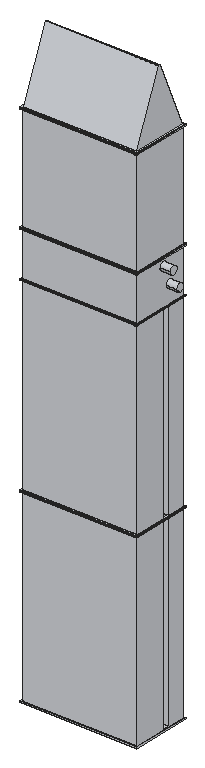
Revit family "18.Воздушная завеса с водяным нагревом CHR", category Оборудование, Revit 2016
Family settings
  Тип детали = Нормальный
  Размер круглого соединителя = Использовать диаметр
  На основе рабочей плоскости = Нет
  Всегда вертикально = Да
  При загрузке вырезать с полостями = Нет
  Общий = Нет
  Точка расчета площади = Нет
Parameters (values of type "60-30")
  х2 = И1 / 2  # 1000 mm
  х1 = х * 0.3  # 242.76 mm
  х = И2 * 0.7  # 809.2 mm
  ножки(да/нет) [instance] = no
  Ширина щели = 42 mm  # constant formula
  Ширина = А  # 600 mm
  Частотный преобразователь [instance] = no
  Частота вращения n, об/мин = ""
  Тип, марка, обозначение = "PWZ-C 60-30 W2"
  Сила тока J, А = "2.5"
  Регулятор расхода [instance] = no
  Раздел = "ОВ"
  Примечание = ""
  Позиция = ""
  Напряжение U,В = "3-380"
  Наименование и тех.хар-ка = "Воздушная завеса с водяным нагревом"  # constant formula
  Мощность двигателя N,Вт = "1100"
  Материал = Сталь серая
  Масса единицы = ""
  Макс. расход воздуха м3/ч = ""
  Макс. полное давление, Па = ""
  И2 = 1156 mm
  Код, оборудования = ""
  Ключевая пометка = "Вентиляция"
  И1 = 2000 mm
  Задание электрикам [instance] = no
  Задание автоматчикам [instance] = no
  Завод изготовитель = "KORF"  # constant formula
  Единица измерения = "шт."  # constant formula
  Высота = Б  # 300 mm
  Б1 = Б * 0.3  # 90 mm
  Б = 300 mm
  А = 600 mm
Types (6, lengths in mm): name | х1 | х | Ширина | Тип, марка, обозначение | Сила тока J, А | Мощность двигателя N,Вт | И2 | Высота | Б1 | Б | А
  60-30 | 242.76 | 809.2 | 600 | "PWZ-C 60-30 W2" | "2.5" | "1100" | 1156 | 300 | 90 | 300 | 600
  60-35 | 242.76 | 809.2 | 600 | "PWZ-C 60-35 W2" | "3,45" | "1500" | 1156 | 350 | 105 | 350 | 600
  70-40 M | 263.76 | 879.2 | 700 | "PWZ-C 70-40 M W2" | "3,45" | "1500" | 1256 | 400 | 120 | 400 | 700
  70-40 | 263.76 | 879.2 | 700 | "PWZ-C 70-40 W2" | "5.9" | "3" | 1256 | 400 | 120 | 400 | 700
  80-50 | 290.01 | 966.7 | 800 | "PWZ-C 80-50 W2" | "5.9" | "3000" | 1381 | 500 | 150 | 500 | 800
  90-50 | 296.94 | 989.8 | 900 | "PWZ-C 90-50 W2" | "10.7" | "5500" | 1414 | 500 | 150 | 500 | 900
Reference planes
  plane 1 "По центру (Вперед/Назад)": y = 0
  plane 2: z = 0
  plane 3 "По центру (Влево/Вправо)": x = 0
  plane 4: x = -300
  plane 5: x = 300
  plane 6: y = 150
  plane 7: y = -150
  plane 8: z = 2000
  plane 9: z = 3156
  plane 10: z = 2809.2
  plane 11: z = 1000
  plane 12: y = 60
  plane 13: y = 18
  plane 14: x = 260
  plane 15: x = -260
  plane 16: z = 2242.76
  plane 17: z = 2200
  plane 18: z = 2100
  plane 19: x = 360
Forms (mm)
  Extrusion 1, void, not visible
    sketch origin (-345, -245, 50) x (0, -1, 0) y (0, 0, -1)
      loop
        line (-477.965, -475) -> (-477.965, -450) -> (-528.913, -450) -> (-528.913, -475) -> (-477.965, -475)
    from -47.452 to 12
  Extrusion 2, solid
    sketch origin (0, 0, 0) x (1, 0, 0) y (0, 1, 0)
      loop
        line (-300, 150) -> (-300, -150) -> (300, -150) -> (300, 150) -> (-300, 150)
    from 1000 to 2000
  Extrusion 3, solid
    sketch origin (10, 0, 305.382) x (1, 0, 0) y (0, 0, 1)
      loop
        line (-310, 2503.818) -> (-310, 1937.378) -> (290, 1937.378) -> (290, 2503.818) -> (-310, 2503.818)
    from -150 to 150
  Extrusion 4, solid
    sketch origin (0, 0, 0) x (1, 0, 0) y (0, 0, 1)
      loop
        line (-300, 1000) -> (-300, 0) -> (300, 0) -> (300, 1000) -> (-300, 1000)
    from -150 to 150
  Extrusion 5, solid
    sketch origin (0, 0, 0) x (0, 1, 0) y (0, 0, 1)
      loop
        line (150, 2809.2) -> (3.883, 3156) -> (0, 3156) -> (-3.883, 3156) -> (-150, 2809.2) -> (150, 2809.2)
    from -300 to 300
  Sweep 6, solid
    path in 3D
      loop
        line (300, -150, 0) -> (300, 150, 0) -> (-300, 150, 0) -> (-300, -150, 0) -> (300, -150, 0)
    profile origin (0, -150, 0) x (0, -1, 0) y (0, 0, -1)
      loop
        line (0, 0) -> (0, -5) -> (10, -5) -> (10, 0) -> (0, 0)
  Sweep 7, solid
    path in 3D
      loop
        line (-300, -150, 1000) -> (-300, 150, 1000) -> (300, 150, 1000) -> (300, -150, 1000) -> (-300, -150, 1000)
    profile origin (0, -150, 1000) x (0, -1, 0) y (0, 0, 1)
      loop
        line (10, -5) -> (10, -1.078) -> (8.696, 0) -> (10, 1.304) -> (10, 5) -> (0, 5) -> (0, 0) -> (0, -5) -> (10, -5)
  Sweep 8, solid
    path in 3D
      loop
        line (300, -150, 2242.76) -> (300, 150, 2242.76) -> (-300, 150, 2242.76) -> (-300, -150, 2242.76) -> (300, -150, 2242.76)
    profile origin (0, -150, 2242.76) x (0, -1, 0) y (0, 0, -1)
      loop
        line (0, -5) -> (10, -5) -> (10, -1.61) -> (8.39, 0) -> (10, 1.61) -> (10, 5) -> (0, 5) -> (0, 0) -> (0, -5)
  Sweep 9, solid
    path in 3D
      loop
        line (-300, -150, 2809.2) -> (-300, 150, 2809.2) -> (300, 150, 2809.2) -> (300, -150, 2809.2) -> (-300, -150, 2809.2)
    profile origin (0, -150, 2809.2) x (0, 1, 0) y (0, 0, -1)
      loop
        line (0, 5) -> (-10, 5) -> (-10, 1.71) -> (-8.29, 0) -> (-10, -1.71) -> (-10, -5) -> (3.254, -5) -> (0, 0.01) -> (0, 5)
  Extrusion 10, void
    sketch origin (0, 0, 0) x (0, 1, 0) y (0, 0, 1)
      loop
        line (18, 2000) -> (18, 5) -> (60, 5) -> (60, 2000) -> (18, 2000)
    from 260 to 300
  Extrusion 11, void
    sketch origin (0, 0, 0) x (0, 1, 0) y (0, 0, -1)
      loop
        line (18, -2000) -> (60, -2000) -> (60, -5) -> (18, -5) -> (18, -2000)
    from 260 to 300
  Extrusion 12, solid
    sketch origin (0, 0, 0) x (1, 0, 0) y (0, 0, 1)
      loop
        line (-300, 2242.76) -> (-300, 2000) -> (300, 2000) -> (300, 2242.76) -> (-300, 2242.76)
    from -150 to 150
  Sweep 13, solid
    path in 3D
      loop
        line (-300, 150, 2000) -> (-300, -150, 2000) -> (300, -150, 2000) -> (300, 150, 2000) -> (-300, 150, 2000)
    profile origin (0, 150, 2000) x (0, 1, 0) y (0, 0, -1)
      loop
        line (0, -3.024) -> (10, -3.024) -> (10, -1.125) -> (9.212, 0) -> (10, 1.265) -> (10, 3.024) -> (0, 3.024) -> (0, 0) -> (0, -3.024)
  Extrusion 14, solid
    sketch origin (0, 0, 0) x (0, 1, 0) y (0, 0, 1)
      loop
        circle (18, 2200) r 20
      loop
        circle (60, 2100) r 20
    from 300 to 360
Cuts and joins
  joined: Extrusion 5, Sweep 9
  Extrusion 10, Extrusion 11 cuts Extrusion 4
  Extrusion 10, Extrusion 11 cuts Extrusion 2
  Extrusion 11 cuts Extrusion 3
  Extrusion 11 cuts Sweep 6
  Extrusion 11 cuts Sweep 7
  Extrusion 11 cuts Sweep 8
Lines and regions (mm)
  sketch lines
    curve 1: line (-300, -150, 0) -> (300, -150, 0)
    curve 2: line (300, -150, 0) -> (300, 150, 0)
    curve 3: line (300, 150, 0) -> (-300, 150, 0)
    curve 4: line (-300, -150, 0) -> (-300, 150, 0)
    curve 5: line (300, -150, 1000) -> (-300, -150, 1000)
    curve 6: line (300, -150, 1000) -> (300, 150, 1000)
    curve 7: line (-300, 150, 1000) -> (300, 150, 1000)
    curve 8: line (-300, -150, 1000) -> (-300, 150, 1000)
    curve 9: line (-300, -150, 2242.76) -> (300, -150, 2242.76)
    curve 10: line (300, -150, 2242.76) -> (300, 150, 2242.76)
    curve 11: line (300, 150, 2242.76) -> (-300, 150, 2242.76)
    curve 12: line (-300, -150, 2242.76) -> (-300, 150, 2242.76)
    curve 13: line (300, -150, 2809.2) -> (-300, -150, 2809.2)
    curve 14: line (300, -150, 2809.2) -> (300, 150, 2809.2)
    curve 15: line (300, 150, 2809.2) -> (-300, 150, 2809.2)
    curve 16: line (-300, 150, 2809.2) -> (-300, -150, 2809.2)
    curve 17: line (300, 150, 2000) -> (-300, 150, 2000)
    curve 18: line (-300, -150, 2000) -> (-300, 150, 2000)
    curve 19: line (-300, -150, 2000) -> (300, -150, 2000)
    curve 20: line (300, -150, 2000) -> (300, 150, 2000)
Dimensions and locks
  equal spacing: plane 6, plane 1 "По центру (Вперед/Назад)", plane 7
  "Б": plane 6 to plane 7
  equal spacing: plane 4, plane 3 "По центру (Влево/Вправо)", plane 5
  "А": plane 4 to plane 5
  "И1": plane 8 to level
  "И2": plane 9 to plane 8
  "х": plane 10 to plane 8
  "х2": plane 11 to level
  "Б1": plane 12 to plane 6
  "Ширина щели": plane 13 to plane 12
  locked: plane 4 to plane 15 at 40
  locked: plane 14 to plane 5 at 40
  "х1": plane 16 to plane 8
  locked: plane 18 to plane 8 at 100
  locked: plane 17 to plane 8 at 200
  locked: plane 19 to plane 14 at 100
  aligned and locked: level to plane 2
  aligned and locked: Extrusion 2 to plane 4
  aligned and locked: Extrusion 2 to plane 7
  aligned and locked: plane 5 to Extrusion 2
  aligned and locked: plane 6 to Extrusion 2
  aligned and locked: plane 8 to Extrusion 2
  aligned and locked: Extrusion 3 to plane 4
  aligned and locked: plane 5 to Extrusion 3
  aligned and locked: plane 10 to Extrusion 3
  aligned and locked: Extrusion 2 to Extrusion 3
  aligned and locked: Extrusion 3 to Extrusion 2
  aligned and locked: Extrusion 2 to plane 11
  aligned and locked: plane 5 to Extrusion 4
  aligned and locked: Extrusion 4 to plane 4
  aligned and locked: Extrusion 4 to level
  aligned and locked: plane 11 to Extrusion 4
  aligned and locked: Extrusion 4 to Extrusion 2  (x2)
  aligned and locked: Extrusion 5 to Extrusion 2  (x2)
  aligned and locked: Extrusion 2 to Extrusion 10  (x2)
  aligned and locked: plane 12 to Extrusion 10
  aligned and locked: plane 13 to Extrusion 10
  aligned and locked: Extrusion 10 to plane 14
  aligned and locked: plane 12 to Extrusion 11
  aligned and locked: plane 13 to Extrusion 11
  aligned and locked: Extrusion 2 to Extrusion 11
  aligned and locked: Extrusion 11 to cut or joined group of Sweep 6, Extrusion 11
  aligned and locked: Extrusion 10 to cut or joined group of Sweep 6, Extrusion 11
  aligned and locked: Extrusion 3 to plane 16
  aligned and locked: plane 15 to Extrusion 11
  aligned and locked: Extrusion 12 to plane 4
  aligned and locked: plane 5 to Extrusion 12
  aligned and locked: Extrusion 12 to plane 8
  aligned and locked: Extrusion 12 to cut or joined group of Extrusion 3, Extrusion 11
  aligned and locked: Extrusion 12 to plane 7
  aligned and locked: plane 6 to Extrusion 12
  aligned and locked: plane 19 to Extrusion 14
  aligned and locked: Extrusion 14 to plane 5
Automatic sketch dimensions
  Extrusion 2 sketch curve to plane 4 = 0 mm
  Extrusion 2 sketch curve to plane 5 = 0 mm
  Extrusion 2 sketch curve to plane 7 = 0 mm
  Extrusion 2 sketch curve to plane 6 = 0 mm
  plane 4 to Extrusion 3 sketch curve = 0 mm
  plane 5 to Extrusion 3 sketch curve = 0 mm
  plane 8 to Extrusion 3 sketch curve = 242.76 mm
  plane 10 to Extrusion 3 sketch curve = 0 mm
  Extrusion 4 sketch curve to level = 0 mm
  Extrusion 4 sketch curve to plane 4 = 0 mm
  Extrusion 4 sketch curve to plane 5 = 0 mm
  Extrusion 4 sketch curve to plane 11 = 0 mm
  Extrusion 5 sketch curve to plane 7 = 0 mm
  Extrusion 5 sketch curve to plane 9 = 0 mm
  Extrusion 5 sketch curve to plane 1 "По центру (Вперед/Назад)" = 0 mm
  Extrusion 5 sketch curve to plane 6 = 0 mm
  Extrusion 5 sketch curve to plane 10 = 0 mm
  plane 1 "По центру (Вперед/Назад)" to Extrusion 5 sketch curve = 3.883 mm
  Extrusion 5 sketch curve to plane 1 "По центру (Вперед/Назад)" = 3.883 mm
  Sweep 6 sketch curve to profile plane = 0 mm
  profile plane to Sweep 6 sketch curve = 0 mm
  Sweep 6 sketch curve to profile plane = 10 mm
  Sweep 6 sketch curve to profile plane = 5 mm
  Sweep 7 sketch curve to profile plane = 0 mm  (x3)
  Sweep 7 sketch curve to profile plane = 8.696 mm
  Sweep 7 sketch curve to Sweep 7 sketch curve = 1.304 mm  (x2)
  Sweep 7 sketch curve to profile plane = 1.078 mm
  Sweep 7 sketch curve to Sweep 7 sketch curve = 3.922 mm
  profile plane to Sweep 7 sketch curve = 1.304 mm
  profile plane to Sweep 7 sketch curve = 5 mm
  Sweep 8 sketch curve to profile plane = 0 mm
  profile plane to Sweep 8 sketch curve = 0 mm  (x2)
  Sweep 8 sketch curve to profile plane = 8.39 mm
  Sweep 8 sketch curve to Sweep 8 sketch curve = 1.61 mm  (x2)
  Sweep 8 sketch curve to profile plane = 1.61 mm
  Sweep 8 sketch curve to profile plane = 5 mm
  Sweep 8 sketch curve to Sweep 8 sketch curve = 3.39 mm
  profile plane to Sweep 9 sketch curve = 0 mm
  Sweep 9 sketch curve to profile plane = 0 mm
  profile plane to Sweep 9 sketch curve = 8.29 mm
  Sweep 9 sketch curve to Sweep 9 sketch curve = 1.71 mm  (x2)
  Sweep 9 sketch curve to profile plane = 3.254 mm
  Sweep 9 sketch curve to profile plane = 1.71 mm
  Sweep 9 sketch curve to profile plane = 5 mm
  profile plane to Sweep 9 sketch curve = 0.01 mm
  Sweep 9 sketch curve to Sweep 9 sketch curve = 4.99 mm
  level to Extrusion 10 sketch curve = 5 mm
  Extrusion 10 sketch curve to plane 13 = 0 mm
  Extrusion 10 sketch curve to plane 12 = 0 mm
  Extrusion 10 sketch curve to plane 8 = 0 mm
  level to Extrusion 11 sketch curve = 5 mm
  Extrusion 11 sketch curve to plane 13 = 0 mm
  Extrusion 11 sketch curve to plane 12 = 0 mm
  Extrusion 11 sketch curve to plane 8 = 0 mm
  Extrusion 12 sketch curve to plane 15 = 40 mm
  plane 14 to Extrusion 12 sketch curve = 40 mm
  plane 8 to Extrusion 12 sketch curve = 0 mm
  Extrusion 12 sketch curve to plane 16 = 0 mm
  Sweep 13 sketch curve to profile plane = 3.024 mm
  Sweep 13 sketch curve to Sweep 13 sketch curve = 10 mm
  Sweep 13 sketch curve to profile plane = 1.125 mm
  profile plane to Sweep 13 sketch curve = 3.024 mm
  profile plane to Sweep 13 sketch curve = 1.265 mm
  Sweep 13 sketch curve to Sweep 13 sketch curve = 0 mm
  Sweep 13 sketch curve to profile plane = 0 mm
  profile plane to Sweep 13 sketch curve = 0 mm  (x2)
  Sweep 13 sketch curve to Sweep 13 sketch curve = 0.788 mm
  Extrusion 14 sketch curve to plane 13 = 0 mm
  Extrusion 14 sketch curve to plane 12 = 0 mm
  Extrusion 14 sketch curve to plane 18 = 0 mm
  Extrusion 14 sketch curve to plane 17 = 0 mm
  radius of Extrusion 14 sketch curve = 20 mm  (x2)
Nested families
  nested 1: "крепление 15мм" at (-330, 229.965, 495), type "крепление 15мм", not visible
Connectors
  hvac at (0, 0, 0), driven by "Ширина", driven by "Высота"
    settings: on Extrusion 4, index 1, duct flow 0.0 L/s, flow factor 0, pres drop 0.0 Pa, loss coef 0, conn angle 0.00°, conn width 600 mm, conn height 300 mm, conn diameter 609.6 mm, duct sys type 28, conn prof type 1, flow config 0, flow direction 0, loss method 0, conn ref index -1, conn util no, is conn primary yes, conn desc ""
  piping at (360, 18, 2200), diameter 40
    settings: on Extrusion 14, index 2, connector inside diameter 609.6 mm, connector length 0 mm, flow factor 0, pipe flow 0.0 L/s, pressure drop 0.0 Pa, fitting loss kfactor 0, connector angle 0.00°, fixture units 0, engagement length 0 mm, angle of deflection 0.00°, flow configuration 0, flow direction 0, fitting loss method 0, system type 28, joint type 0, gender type 0, connector reference index -1, connector utility 0, adjustable connector no, is connector primary yes, connector description ""
  piping at (360, 60, 2100), diameter 40
    settings: on Extrusion 14, index 3, connector inside diameter 609.6 mm, connector length 0 mm, flow factor 0, pipe flow 0.0 L/s, pressure drop 0.0 Pa, fitting loss kfactor 0, connector angle 0.00°, fixture units 0, engagement length 0 mm, angle of deflection 0.00°, flow configuration 0, flow direction 0, fitting loss method 0, system type 28, joint type 0, gender type 0, connector reference index -1, connector utility 0, adjustable connector no, is connector primary no, connector description ""
Definition of nested family "крепление 15мм"
  Parameters (values of type "крепление 15мм")
    Материал крепления = none
  Reference planes
    plane 1 "По центру (Вперед/Назад)": y = 0
    plane 2: z = 0
    plane 3 "По центру (Влево/Вправо)": x = 0
  Forms (mm)
    Extrusion 1, solid, material <- "Материал крепления"
      sketch origin (0, 0, 0) x (1, 0, 0) y (0, 1, 0)
        loop
          line (-25, 0) -> (0, 0) -> (0, 18.31) -> (0, 25) -> (-3, 25) -> (-3, 3) -> (-25, 3) -> (-25, 0)
      from 0 to 30
    Extrusion 2, void
      sketch origin (0, 0, 0) x (1, 0, 0) y (0, 1, 0)
        loop
          line (-3, 3) -> (-3, 54.96) -> (-58, 54.96) -> (-58, 3) -> (-3, 3)
      from 0 to 15
  Cuts and joins
    Extrusion 2 cuts Extrusion 1
  Dimensions and locks
    Extrusion 1 sketch curve to Extrusion 1 sketch curve = 3 mm  (x2)
    Extrusion 1 sketch curve to Extrusion 1 sketch curve to plane 3 "По центру (Влево/Вправо)" = 25 mm, 0 mm
    Extrusion 1 sketch curve to Extrusion 1 sketch curve = 25 mm
    aligned and locked: level to plane 2
